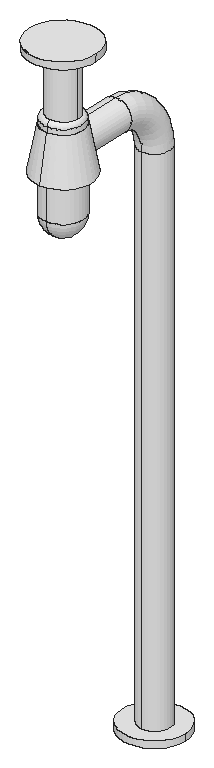
Revit family
Parameters (values of type "74_bekersifon")
  vloeraansluiting [instance] = yes
  sifon = Metal - chroom
  muuraansluitinghoogte [instance] = 600 mm
  muuraansluiting [instance] = no
  muur tot hart [instance] = 200 mm
  hart buis hart sifon [instance] = 120 mm
  content creator = "www.revitlog.nl"
  aansluithoogte [instance] = 700 mm
  Assembly Code = ""
Reference planes
  plane 1 "Center (Front/Back)": y = 0
  plane 2: z = 0
  plane 3 "Center (Left/Right)": x = 0
  plane 4 "bovenaamsluiting": z = 700
  plane 5 "muuraansluitinghoogte": z = 600
  plane 6 "muur": y = 200
  plane 7: z = 693
  plane 8 "bovenzijde sifon": z = 623
  plane 9: z = 518
  plane 10: y = 120
Forms (mm)
  Extrusion 1, solid, material "Metal - chroom" <- "sifon"
    sketch origin (0, 0, 0) x (1, 0, 0) y (0, 1, 0)
      loop
        circle (0, 0) r 35
    from 700 to 693
  Extrusion 2, solid, material "Metal - chroom" <- "sifon"
    sketch origin (0, 0, 0) x (1, 0, 0) y (0, 1, 0)
      loop
        circle (0, 0) r 16
    from 693 to 623
  Sweep 3, solid, material "Metal - chroom" <- "sifon", visible <- "muuraansluiting"
    path origin (0, 0, 0) x (0, 1, 0) y (0, 0, 1)
      loop
        line (200, 600) -> (0, 600)
    profile origin (0, 100, 600) x (0, 0, -1) y (1, 0, 0)
      loop
        circle (0, 0) r 16
  Extrusion 4, solid, material "Metal - chroom" <- "sifon", visible <- "muuraansluiting"
    sketch origin (0, 200, 869.655) x (0, 0, 1) y (-1, 0, 0)
      loop
        circle (-269.655, 0) r 33
    from 0 to 7
  Sweep 5, solid, material "Metal - chroom" <- "sifon", visible <- "vloeraansluiting"
    path origin (0, 0, 0) x (0, 1, 0) y (0, 0, 1)
      loop
        line (120, 0) -> (120, 550)
        arc (120, 550) -> (105.355, 585.355) -> (70, 600) r 50
        line (70, 600) -> (0, 600)
    profile origin (0, 120, 275) x (0, -1, 0) y (1, 0, 0)
      loop
        circle (0, 0) r 16
  Extrusion 6, solid, material "Metal - chroom" <- "sifon", visible <- "vloeraansluiting"
    sketch origin (0, 0, 0) x (1, 0, 0) y (0, 1, 0)
      loop
        circle (0, 120) r 33
    from 0 to 7
  Revolve 7, solid, material "Metal - chroom" <- "sifon"
    sketch origin (0, 0, -85) x (0, 1, 0) y (0, 0, 1)
      loop
        line (0, 662) -> (0, 603)
        arc (0, 603) -> (14.849, 609.151) -> (21, 624) r 21
        line (21, 624) -> (21, 662) -> (0, 662)
      axis (0, 603) -> (0, 662)
    angle from 0 to 360
  Revolve 8, solid, material "Metal - chroom" <- "sifon"
    sketch origin (0, 0, 0) x (0, 1, 0) y (0, 0, 1)
      loop
        line (0, 623) -> (0, 577) -> (30, 577) -> (21.059, 623) -> (0, 623)
      axis (0, 577) -> (0, 623)
    angle from 0 to 360
  Revolve 9, solid, material "Metal - chroom" <- "sifon"
    sketch origin (0, 0, 0) x (0, 1, 0) y (0, 0, 1)
      loop
        line (20.38, 623) -> (20.38, 628)
        arc (20.38, 628) -> (18.916, 631.536) -> (15.38, 633) r 5
        line (15.38, 633) -> (0, 633) -> (0, 623) -> (20.38, 623)
      axis (0, 623) -> (0, 633)
    angle from 0 to 360
Dimensions and locks
  "aansluithoogte": plane 4 "bovenaamsluiting" to level
  "muuraansluitinghoogte": plane 5 "muuraansluitinghoogte" to level
  "muur tot hart": plane 6 "muur" to plane 1 "Center (Front/Back)"
  locked: plane 4 "bovenaamsluiting" to plane 7 at 7
  locked: plane 8 "bovenzijde sifon" to plane 5 "muuraansluitinghoogte" at 23
  locked: plane 8 "bovenzijde sifon" to plane 9 at 105
  "hart buis hart sifon": plane 10 to plane 1 "Center (Front/Back)"
  locked: Revolve 9 sketch curve to Revolve 9 sketch curve at 10
  aligned and locked: plane 4 "bovenaamsluiting" to Extrusion 1
  aligned and locked: Extrusion 1 to plane 7
  aligned and locked: Extrusion 2 to plane 8 "bovenzijde sifon"
  aligned and locked: plane 7 to Extrusion 2
  aligned and locked: Sweep 3 sketch curve to plane 5 "muuraansluitinghoogte"
  aligned and locked: plane 6 "muur" to Sweep 3 sketch curve
  aligned and locked: plane 1 "Center (Front/Back)" to Sweep 3 sketch curve
  aligned and locked: plane 1 "Center (Front/Back)" to Sweep 5 sketch curve
  aligned and locked: Sweep 5 sketch curve to plane 5 "muuraansluitinghoogte"
  aligned and locked: level to Sweep 5 sketch curve
  aligned and locked: plane 10 to Sweep 5 sketch curve
  aligned and locked: plane 9 to Revolve 7 sketch curve
  aligned and locked: Revolve 8 sketch curve to plane 8 "bovenzijde sifon"
  aligned and locked: Revolve 8 to Revolve 7
  aligned and locked: plane 8 "bovenzijde sifon" to Revolve 9 sketch curve
Automatic sketch dimensions
  Extrusion 1 sketch curve to plane 1 "Center (Front/Back)" = 0 mm
  Extrusion 1 sketch curve to plane 3 "Center (Left/Right)" = 0 mm
  Extrusion 2 sketch curve to plane 1 "Center (Front/Back)" = 0 mm
  Extrusion 2 sketch curve to plane 3 "Center (Left/Right)" = 0 mm
  Sweep 3 sketch curve to plane 3 "Center (Left/Right)" = 0 mm
  Sweep 3 sketch curve to profile plane = 0 mm
  Extrusion 4 sketch curve to plane 3 "Center (Left/Right)" = 0 mm
  Extrusion 4 sketch curve to plane 5 "muuraansluitinghoogte" = 0 mm
  plane 10 to Sweep 5 sketch curve = 50 mm
  Sweep 5 sketch curve to plane 3 "Center (Left/Right)" = 0 mm
  Sweep 5 sketch curve to profile plane = 0 mm
  Extrusion 6 sketch curve to plane 3 "Center (Left/Right)" = 0 mm
  Extrusion 6 sketch curve to plane 10 = 0 mm
  Revolve 7 sketch curve to plane 1 "Center (Front/Back)" = 0 mm  (x2)
  Revolve 7 sketch curve to plane 7 = 0 mm
  Revolve 7 sketch curve to Revolve 7 sketch curve = 21 mm
  Revolve 7 sketch curve to Revolve 7 sketch curve = 205 mm
  Revolve 7 sketch curve to plane 5 "muuraansluitinghoogte" = 23 mm
  Revolve 8 sketch curve to plane 1 "Center (Front/Back)" = 0 mm  (x2)
  Revolve 8 sketch curve to Revolve 8 sketch curve = 21.059 mm
  Revolve 8 sketch curve to Revolve 8 sketch curve = 30 mm
  Revolve 8 sketch curve to plane 5 "muuraansluitinghoogte" = 23 mm
  Revolve 8 sketch curve to Revolve 8 sketch curve = 24 mm
  Revolve 8 sketch curve to plane 7 = 25 mm
  Revolve 9 sketch curve to plane 1 "Center (Front/Back)" = 0 mm  (x2)
  Revolve 9 sketch curve to Revolve 9 sketch curve = 15.38 mm
  plane 8 "bovenzijde sifon" to Revolve 9 sketch curve = 5 mm
  plane 5 "muuraansluitinghoogte" to Revolve 9 sketch curve = 8.384 mm
  Revolve 9 sketch curve to Revolve 9 sketch curve = 17.213 mm
  radius of Extrusion 1 sketch curve = 35 mm
  radius of Extrusion 2 sketch curve = 16 mm
  radius of Sweep 3 sketch curve = 16 mm
  radius of Extrusion 4 sketch curve = 33 mm
  radius of Sweep 5 sketch curve = 16 mm
  radius of Extrusion 6 sketch curve = 33 mm
